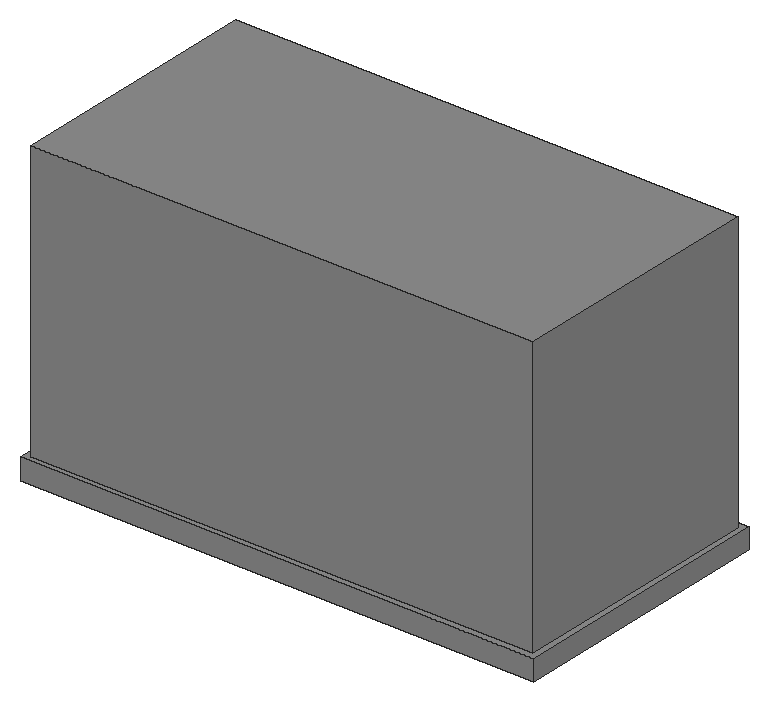
Revit family
Parameters (values of type "38AUQ16")
  PremierLink Controls [instance] = no
  Width = 3' - 9 1/8"
  Voltage = 0 V
  Version = 1
  Unit Material = Paint - Carrier - American Sterling Gray
  URL = "www.carrier.com"
  Type Comments = "15 Tons Heat Pump Outdoor Unit"
  Temperature Control [instance] = no
  Suction Connection Size = 1 3/8"
  Suction Connection Radus = Suction Connection Size / 2  # 11/16"
  Special Coated Coil Protection [instance] = no
  Right Clearance = 3' - 0"
  Programmable Thermostat [instance] = no
  Model = "38AUQ16"
  Manufacturer = "Carrier"  # constant formula
  MOCP = 0 A
  MCA = 0 A
  Convenience Outlet Non-Powered [instance] = no
  Liquid Connection Size = 1/2"
  Liquid Connection Radius = Liquid Connection Size / 2  # 1/4"
  Length = 7' - 2 3/8"
  Left Clearance = 3' - 0"
  IEER = 11
  Height = 4' - 2 3/8"
  Front Clearance = 3' - 6"
  Fan Radius = 1' - 0"
  Fan Centerline from Side = (Length - 0' 8") / 5  # 1' - 3.675"
  Fan Centerline from Back = Fan Radius + 0' 2"  # 1' - 2"
  EER = 10.6
  Disconnect Switch [instance] = no
  Disclaimer = "Manufacturer reserves the right to change, at any time, specifications and designs without notice and without obligation.  Please verify critical parameters with local Carrier commercial sales office."  # constant formula
  Convenience Outlet [instance] = no
  Back Clearance = 3' - 0"
  Assembly Code = "D3030"
Reference planes (in)
  plane 1 "Center (Front/Back)": y = 0
  plane 2: z = 0
  plane 3 "Center (Left/Right)": x = 0
  plane 4 "Back Face of Base": y = 22.5625
  plane 5 "Front Face of Base": y = -22.5625
  plane 6 "Left Face of Base": x = -43.1875
  plane 7 "Right Face of Base": x = 43.1875
  plane 8 "Back Clearance Line": y = 58.5625
  plane 9 "Left Clearance Line": x = -79.1875
  plane 10 "Right Clearance Line": x = 79.1875
  plane 11 "Front Clearance Line": y = -64.5625
  plane 12 "Top of Unit": z = 50.375
  plane 13 "Bottom of Unit": z = 0
  plane 14 "Top of Base": z = 3.5
  plane 15 "Back Face of Unit": y = 21.5625
  plane 16 "Front Face of Unit": y = -21.5625
  plane 17 "Left Face of Unit": x = -42.1875
  plane 18 "Right Face of Unit": x = 42.1875
  plane 19 "Fan Centerline from Back": y = 7.5625
  plane 20 "Left Fan Centerline": x = -26.5125
  plane 21 "Right Fan Centerline": x = 26.5125
  plane 22 "Liquid and Section Connections - Front": y = -15.1875
  plane 23 "Suction Connection": z = 11.25
  plane 24 "Liquid Connection": z = 6.25
  plane 25 "Power Entry Centerline - Vertical": z = 37.125
  plane 26 "Convenience Outlet Centerline - Vertical": z = 17
  plane 27 "Power Entry Centerline - Horizontal": y = -17.8125
  plane 28 "Convenience Outlet Centerline - Horizontal": y = -17.0625
  plane 29 "Liquid and Section Connections - Rear": y = -9.0625
Forms (in)
  Extrusion 1, solid, material "Paint - Carrier - American Sterling Gray" <- "Unit Material"
    sketch origin (0, 0, 3.5) x (-1, 0, 0) y (0, -1, 0)
      loop
        line (42.1875, 21.5625) -> (-42.1875, 21.5625) -> (-42.1875, -21.5625) -> (42.1875, -21.5625) -> (42.1875, 21.5625)
    from 0 to 46.875
  Extrusion 2, solid, material "Paint - Carrier - American Sterling Gray" <- "Unit Material"
    sketch origin (0, 0, 0) x (-1, 0, 0) y (0, -1, 0)
      loop
        line (43.1875, 22.5625) -> (-43.1875, 22.5625) -> (-43.1875, -22.5625) -> (43.1875, -22.5625) -> (43.1875, 22.5625)
    from 0 to 3.5
  Extrusion 3, void
    sketch origin (-42.1875, 0, 0) x (0, 1, 0) y (0, 0, 1)
      loop
        circle (-17.8125, 37.125) r 0.75
    from 0 to 0.5
  Extrusion 4, solid, material "Paint - Carrier - American Sterling Gray"
    sketch origin (-42.1875, 0, 0) x (0, 1, 0) y (0, 0, 1)
      loop
        line (-15.8125, 15) -> (-15.8125, 19) -> (-18.3125, 19) -> (-18.3125, 15) -> (-15.8125, 15)
    from 0 to -0.0625
  Extrusion 5, solid, material "Paint - Carrier - American Sterling Gray", detail levels fine
    sketch origin (-42.1875, 0, 0) x (0, 1, 0) y (0, 0, 1)
      loop
        circle (-15.1875, 11.25) r 1
    from 0 to 0.5
  Extrusion 6, solid, material "Paint - Carrier - American Sterling Gray", detail levels fine
    sketch origin (-42.1875, 0, 0) x (0, 1, 0) y (0, 0, 1)
      loop
        circle (-9.0625, 11.25) r 1
    from 0 to -0.0625
  Extrusion 7, solid, material "Paint - Carrier - American Sterling Gray", detail levels fine
    sketch origin (-42.1875, 0, 0) x (0, 1, 0) y (0, 0, 1)
      loop
        circle (-9.0625, 6.25) r 0.75
    from 0 to 0.5
  Extrusion 8, solid, material "Paint - Carrier - American Sterling Gray", detail levels fine
    sketch origin (-42.1875, 0, 0) x (0, 1, 0) y (0, 0, 1)
      loop
        circle (-15.1875, 6.25) r 0.75
    from 0 to 0.5
Lines and regions (in)
  symbolic lines, style "Clearance Zones", detail levels fine
    curve 1: line (-79.1875, -64.5625, 0) -> (79.1875, -64.5625, 0)
    curve 2: line (-79.1875, 58.5625, 0) -> (-79.1875, -64.5625, 0)
    curve 3: line (79.1875, 58.5625, 0) -> (-79.1875, 58.5625, 0)
    curve 4: line (79.1875, -64.5625, 0) -> (79.1875, 58.5625, 0)
  model lines, detail levels medium+fine
    curve 5: line (-42.1875, -0.5625, 50.375) -> (-42.1875, -0.5625, 3.5)
    curve 6: line (-42.1875, 1.9375, 3.5) -> (-42.1875, 1.9375, 50.375)
    curve 7: line (6.8125, -21.5625, 3.5) -> (6.8125, -21.5625, 50.375)
    curve 8: line (-42.1875, -16.8125, 4.5) -> (-42.1875, -4.8125, 4.5)
    curve 9: line (-42.1875, -16.8125, 13) -> (-42.1875, -16.8125, 4.5)
    curve 10: line (-42.1875, -4.8125, 13) -> (-42.1875, -16.8125, 13)
    curve 11: line (-42.1875, -4.8125, 4.5) -> (-42.1875, -4.8125, 13)
    curve 12: line (1.8125, -21.5625, 50.375) -> (1.8125, -21.5625, 3.5)
    curve 13: line (4.3125, -21.5625, 50.375) -> (4.3125, -21.5625, 3.5)
Dimensions and locks (in)
  equal spacing: plane 6 "Left Face of Base", plane 3 "Center (Left/Right)", plane 7 "Right Face of Base"
  "Length": plane 6 "Left Face of Base" to plane 7 "Right Face of Base"
  equal spacing: plane 4 "Back Face of Base", plane 1 "Center (Front/Back)", plane 5 "Front Face of Base"
  "Width": plane 4 "Back Face of Base" to plane 5 "Front Face of Base"
  "Left Clearance": plane 9 "Left Clearance Line" to plane 6 "Left Face of Base"
  "Right Clearance": plane 7 "Right Face of Base" to plane 10 "Right Clearance Line"
  "Back Clearance": plane 8 "Back Clearance Line" to plane 4 "Back Face of Base"
  "Front Clearance": plane 5 "Front Face of Base" to plane 11 "Front Clearance Line"
  "Height": plane 12 "Top of Unit" to level
  locked: plane 14 "Top of Base" to plane 13 "Bottom of Unit" at 3.5
  locked: plane 4 "Back Face of Base" to plane 15 "Back Face of Unit" at 1
  locked: plane 16 "Front Face of Unit" to plane 5 "Front Face of Base" at 1
  locked: plane 6 "Left Face of Base" to plane 17 "Left Face of Unit" at 1
  locked: plane 18 "Right Face of Unit" to plane 7 "Right Face of Base" at 1
  "Fan Centerline from Side": plane 17 "Left Face of Unit" to plane 20 "Left Fan Centerline"
  "Fan Centerline from Side": plane 21 "Right Fan Centerline" to plane 18 "Right Face of Unit"
  "Fan Centerline from Back": plane 15 "Back Face of Unit" to plane 19 "Fan Centerline from Back"
  locked: curve 5 to plane 5 "Front Face of Base" at 22
  locked: curve 6 to curve 5 at 2.5
  locked: curve 8 to plane 14 "Top of Base" at 1
  locked: curve 10 to plane 13 "Bottom of Unit" at 13
  locked: plane 16 "Front Face of Unit" to curve 9 at 4.75
  locked: curve 9 to curve 11 at 12
  locked: plane 5 "Front Face of Base" to plane 22 "Liquid and Section Connections - Front" at 7.375
  locked: plane 24 "Liquid Connection" to plane 13 "Bottom of Unit" at 6.25
  locked: plane 23 "Suction Connection" to plane 13 "Bottom of Unit" at 11.25
  locked: plane 12 "Top of Unit" to plane 25 "Power Entry Centerline - Vertical" at 13.25
  locked: plane 26 "Convenience Outlet Centerline - Vertical" to plane 13 "Bottom of Unit" at 17
  locked: plane 27 "Power Entry Centerline - Horizontal" to plane 16 "Front Face of Unit" at 3.75
  locked: plane 28 "Convenience Outlet Centerline - Horizontal" to plane 16 "Front Face of Unit" at 4.5
  Extrusion 4 sketch curve to plane 28 "Convenience Outlet Centerline - Horizontal" to Extrusion 4 sketch curve = 0' - 1 1/4" locked, 0' - 1 1/4" locked
  Extrusion 4 sketch curve to plane 26 "Convenience Outlet Centerline - Vertical" to Extrusion 4 sketch curve = 0' - 2" locked, 0' - 2" locked
  locked: plane 22 "Liquid and Section Connections - Front" to plane 29 "Liquid and Section Connections - Rear" at 6.125
  locked: curve 12 to curve 13 at 2.5
  locked: curve 13 to curve 7 at 2.5
  locked: curve 12 to plane 17 "Left Face of Unit" at 44
  radius of Extrusion 3 sketch curve = 0' - 0 3/4"
  radius of Extrusion 5 sketch curve = 0' - 1"
  radius of Extrusion 6 sketch curve = 0' - 1"
  radius of Extrusion 7 sketch curve = 0' - 0 3/4"
  radius of Extrusion 8 sketch curve = 0' - 0 3/4"
  aligned and locked: level to plane 2
  aligned and locked: plane 8 "Back Clearance Line" to curve 3
  aligned and locked: plane 10 "Right Clearance Line" to curve 4
  aligned and locked: curve 1 to plane 11 "Front Clearance Line"
  aligned and locked: curve 2 to plane 9 "Left Clearance Line"
  aligned and locked: level to plane 13 "Bottom of Unit"
  aligned and locked: plane 15 "Back Face of Unit" to Extrusion 1
  aligned and locked: plane 18 "Right Face of Unit" to Extrusion 1
  aligned and locked: Extrusion 1 to plane 16 "Front Face of Unit"
  aligned and locked: Extrusion 1 to plane 17 "Left Face of Unit"
  aligned and locked: Extrusion 1 to plane 14 "Top of Base"
  aligned and locked: plane 12 "Top of Unit" to Extrusion 1
  aligned and locked: Extrusion 2 to plane 6 "Left Face of Base"
  aligned and locked: plane 4 "Back Face of Base" to Extrusion 2
  aligned and locked: plane 7 "Right Face of Base" to Extrusion 2
  aligned and locked: Extrusion 2 to plane 5 "Front Face of Base"
  aligned and locked: Extrusion 2 to plane 13 "Bottom of Unit"
  aligned and locked: plane 14 "Top of Base" to Extrusion 2
  aligned and locked: plane 12 "Top of Unit" to curve 5
  aligned and locked: plane 14 "Top of Base" to curve 5
  aligned and locked: plane 12 "Top of Unit" to curve 6
  aligned and locked: plane 14 "Top of Base" to curve 6
  aligned and locked: plane 12 "Top of Unit" to curve 7
  aligned and locked: plane 14 "Top of Base" to curve 7
  aligned and locked: plane 25 "Power Entry Centerline - Vertical" to Extrusion 3 sketch curve
  aligned and locked: plane 27 "Power Entry Centerline - Horizontal" to Extrusion 3 sketch curve
  aligned and locked: plane 17 "Left Face of Unit" to Extrusion 4
  aligned and locked: nested 1 to plane 19 "Fan Centerline from Back"
  aligned and locked: nested 2 to plane 19 "Fan Centerline from Back"
  aligned and locked: nested 3 to plane 19 "Fan Centerline from Back"
  aligned and locked: plane 3 "Center (Left/Right)" to nested 2
  aligned and locked: plane 20 "Left Fan Centerline" to nested 1
  aligned and locked: plane 21 "Right Fan Centerline" to nested 3
  aligned and locked: plane 14 "Top of Base" to curve 13
  aligned and locked: plane 14 "Top of Base" to curve 12
  aligned and locked: plane 12 "Top of Unit" to curve 13
  aligned and locked: plane 12 "Top of Unit" to curve 12
  aligned and locked: plane 23 "Suction Connection" to Extrusion 5 sketch curve
  aligned and locked: plane 22 "Liquid and Section Connections - Front" to Extrusion 5 sketch curve
  aligned and locked: plane 29 "Liquid and Section Connections - Rear" to Extrusion 6 sketch curve
  aligned and locked: plane 23 "Suction Connection" to Extrusion 6 sketch curve
  aligned and locked: Extrusion 5 to plane 17 "Left Face of Unit"
  aligned and locked: Extrusion 3 to plane 17 "Left Face of Unit"
  aligned and locked: plane 24 "Liquid Connection" to Extrusion 7 sketch curve
  aligned and locked: plane 29 "Liquid and Section Connections - Rear" to Extrusion 7 sketch curve
  aligned and locked: Extrusion 7 to plane 17 "Left Face of Unit"
  aligned and locked: plane 22 "Liquid and Section Connections - Front" to Extrusion 8 sketch curve
  aligned and locked: plane 24 "Liquid Connection" to Extrusion 8 sketch curve
  aligned and locked: Extrusion 8 to plane 17 "Left Face of Unit"
Automatic sketch dimensions
  Extrusion 1 sketch curve to plane 18 "Right Face of Unit" = 0' - 0"
  plane 17 "Left Face of Unit" to Extrusion 1 sketch curve = 0' - 0"
  Extrusion 1 sketch curve to plane 15 "Back Face of Unit" = 0' - 0"
  plane 16 "Front Face of Unit" to Extrusion 1 sketch curve = 0' - 0"
  plane 7 "Right Face of Base" to Extrusion 2 sketch curve = 0' - 0"
  Extrusion 2 sketch curve to plane 6 "Left Face of Base" = 0' - 0"
  plane 4 "Back Face of Base" to Extrusion 2 sketch curve = 0' - 0"
  Extrusion 2 sketch curve to plane 5 "Front Face of Base" = 0' - 0"
Nested families (in)
  nested 1: "Fan-Grill-Carrier" at (-26.5125, 7.5625, 50.375), built-in parameter 1001364 <- "Height", type "Fan-Grill-Carrier", detail levels medium+fine
  nested 2: "Fan-Grill-Carrier" at (0, 7.5625, 50.375), built-in parameter 1001364 <- "Height", type "Fan-Grill-Carrier", detail levels medium+fine
  nested 3: "Fan-Grill-Carrier" at (26.5125, 7.5625, 50.375), built-in parameter 1001364 <- "Height", type "Fan-Grill-Carrier", detail levels medium+fine
Connectors (in)
  electrical at (-42.1875, -17.8125, 37.125)
    settings: on Extrusion 3, index 5, voltage 0 V, apparent load 0 VA, apparent load phase1 0 VA, apparent load phase2 0 VA, apparent load phase3 0 VA, power factor 1, load classification "Motor", number of poles 3, system type 30, power factor state 1, is connector primary yes, connector utility no, sub classification motor no, connector description "Primary Power"
  piping at (-42.1875, -15.1875, 6.25), driven by "Liquid Connection Radius"
    settings: on Extrusion 8, index 7, connector radius 1/4", flow factor 0, pipe flow 0 GPM, pressure drop 0.00 psi, fitting loss kfactor 0, connector angle 0.00°, fixture units 0, flow configuration 1, flow direction 2, fitting loss method 0, system type 22, connector reference index -1, connector utility 0, adjustable connector no, is connector primary yes, fitting loss table "", connector description "Front Liquid Connection"
  piping at (-42.1875, -15.1875, 11.25), driven by "Suction Connection Radus"
    settings: on Extrusion 5, index 8, connector radius 11/16", flow factor 0, pipe flow 0 GPM, pressure drop 0.00 psi, fitting loss kfactor 0, connector angle 0.00°, fixture units 0, flow configuration 1, flow direction 1, fitting loss method 0, system type 22, connector reference index -1, connector utility 0, adjustable connector no, is connector primary no, fitting loss table "", connector description "Front Suction Connection"
  piping at (-42.1875, -9.0625, 6.25), driven by "Liquid Connection Radius"
    settings: on Extrusion 7, index 9, connector radius 1/4", flow factor 0, pipe flow 0 GPM, pressure drop 0.00 psi, fitting loss kfactor 0, connector angle 0.00°, fixture units 0, flow configuration 1, flow direction 2, fitting loss method 0, system type 22, connector reference index -1, connector utility 0, adjustable connector no, is connector primary no, fitting loss table "", connector description "Rear Liquid Connection"
  piping at (-42.25, -9.0625, 11.25), driven by "Suction Connection Radus"
    settings: on Extrusion 6, index 10, connector radius 11/16", flow factor 0, pipe flow 0 GPM, pressure drop 0.00 psi, fitting loss kfactor 0, connector angle 0.00°, fixture units 0, flow configuration 1, flow direction 1, fitting loss method 0, system type 22, connector reference index -1, connector utility 0, adjustable connector no, is connector primary no, fitting loss table "", connector description "Rear Suction Connection"
Definition of nested family "Fan-Grill-Carrier"
  Parameters (values of type "OutdoorFan")
    Fan Radius = 0' - 11"
    Fan 3rd Circle Radius = Fan Radius * 0.75  # 0' - 8 1/4"
    Fan 2nd Circle Radius = Fan Radius * 0.5  # 0' - 5 1/2"
    Fan Inner Circle Radius = Fan Radius * 0.25  # 0' - 2 3/4"
    Assembly Code = ""
  Reference planes (in)
    plane 1 "Center (Front/Back)": y = 0
    plane 2: z = 0
    plane 3 "Center (Left/Right)": x = 0
  Lines and regions (in)
    model lines, style "Fan", detail levels medium+fine
      curve 1: circle (0, 0, 0) r 11 normal (0, 0, 1)
      curve 2: circle (0, 0, 0) r 5.5 normal (0, 0, 1)
      curve 3: circle (0, 0, 0) r 2.75 normal (0, 0, 1)
      curve 4: circle (0, 0, 0) r 8.25 normal (0, 0, 1)
  Dimensions and locks (in)
    "Fan Radius": radius of curve 1
    "Fan 3rd Circle Radius": radius of curve 4
    "Fan Inner Circle Radius": radius of curve 3
    "Fan 2nd Circle Radius": radius of curve 2
    aligned and locked: level to plane 2
  Automatic sketch dimensions
    curve 1 to curve 3 = 0' - 0"  (x2)
    curve 2 to curve 4 = 0' - 0"  (x2)
    curve 3 to curve 4 = 0' - 0"  (x2)
    plane 1 "Center (Front/Back)" to curve 2 = 0' - 0"
    curve 2 to plane 3 "Center (Left/Right)" = 0' - 0"
